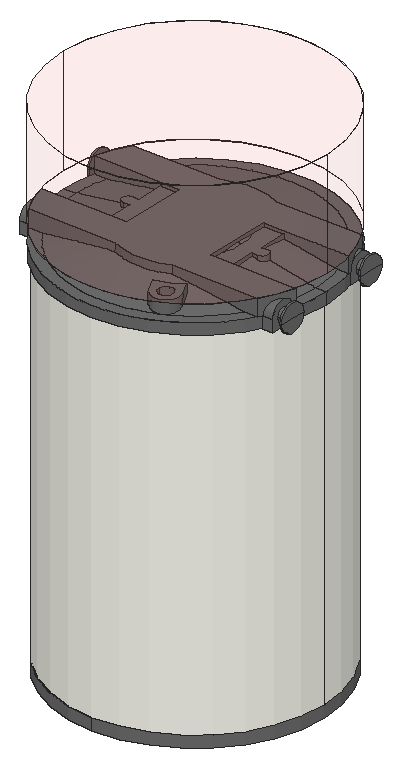
Revit family "Cooling_Plant-Accessories-Calmac-IceBank-Model-1220C3F", category Mechanical Equipment, Revit 2014
Parameters (values of type "1220C3F")
  Watermarked By = "http://revitwatermark.com"
  Water_Ice Tank Volume = "2,185 Gallons"
  Warning = "Ice tanks are a component in an ice storage system including chillers, pumps, and controls. Contact CALMAC for IceBank® selection support to make sure all system components will work together properly."
  URL = "http://www.calmac.com/"
  Total Cooling Capacity [instance] = 0.0 ton
  Tank Net Usable Capacity = "98 Ton-Hrs"
  Product Page URL = "http://www.calmac.com/products/icebank.asp"
  Is Tank 1 Front Right Connector Visible = not(CTRL Off)  # yes
  Is Tank 1 Front Left Connector Visible = not(CTRL On)  # no
  Is Tank 1 Back Right Connector Visible = not(CTRL Off)  # yes
  Is Tank 1 Back Left Connector Visible = not(CTRL Off)  # yes
  Surface Finish = Plastic- Calmac- Black
  Supply Coolant Temperature [instance] = -459.67 °F
  Storage Inlet Temperature [instance] = 60 °F
  Shipping Weight = 2600.00 lbf
  Return Coolant Temperature [instance] = -459.67 °F
  Requires Plate Heat Exchanger [instance] = no
  Project/Customer = ""
  Product Documentation Link = ""
  Pressure Drop [instance] = 0.00 psi
  Precool Hours [instance] = 0
  Pipe Material = Plastic- Calmac- Black
  Operating Weight = 22500.00 lbf
  Occupied Hours [instance] = 0
  Model = "1220C3F"  # constant formula
  Maximum Operating Temperature = "77 °F"
  Maximum Operating Pressure = "620 kPa"
  Manufacturer e-mail = "info@Calmac.com"
  Manufacturer Contact Details = "CALMAC Manufacturing Corporation Headquarters, 3-00 Banta Place, Fair Lawn, NJ  07410, Tel: (201) 797-1511, Fax: (201) 797-1522"
  Manufacturer = "CALMAC Manufacturing Corp."  # constant formula
  Main Use [instance] = ""
  Location [instance] = ""
  Lid Type = Cooling_Plant_Accessories-Calmac-IceBank-Lid_C : Lid-C
  Lid Diameter = 89"  # constant formula
  Leg 4 = 46"  # constant formula
  Leg 1 = 46"  # constant formula
  Latent Cooling Capacity [instance] = 0.0 ton
  Inlet Outlet Center Height = 129"  # constant formula
  Heat Exchanger Volume = "205 Gallons"
  Has Rigging Bar [instance] = no
  Has Plate and Frame Heat Exchanger [instance] = no
  Has Ice Inventory Meter [instance] = no
  Has Heat Transfer Fluid [instance] = no
  Has Glycol Management System [instance] = no
  Floor Loading Weight = "520 lb/sq.ft."
  Factory Tested Pressure = "1724 kPa"
  Diversity Factor [instance] = 0
  Discharge Rate [instance] = 0
  Discharge Hours [instance] = 0
  Description = "Off-Peak Cooling System"
  Is Clearance Box Visible [instance] = yes
  Clearance Box Height = 36"  # constant formula
  City/State [instance] = ""
  CTRL On = yes
  CTRL Off = not(CTRL On)  # no
  CTRL Hydronic Supply Description = "Hydronic Supply"  # constant formula
  CTRL Hydronic Return Description = "Hydronic Return"  # constant formula
  CTRL Base Radius = 43 31/64"
  Body Material = Plastic- Calmac- Off_White
  Has Solid Base [instance] = yes
  Base Height = Inlet Outlet Center Height - 3 3/4"  # 125 1/4"
  Base Finish = Plastic- Calmac- Black
  Assembly Code = "D3030300"
  Actual Chilled Water Flow [instance] = 0 GPM
Reference planes (in)
  plane 1 "Center (Front/Back)": y = 0
  plane 2 "Bottom": z = 0
  plane 3 "Center (Left/Right)": x = 0
  plane 4 "T.O. Base": z = 125.25
  plane 5 "Inlet/Outlet Center (Elevation)": z = 129
  plane 6 "Right Connector Face": x = 46
  plane 7 "Left Connector Face": x = -46
  plane 8 "T.O. Lid": z = 134.5
  plane 9 "Top": z = 170.5
  plane 10 "Front Connection Center (F/B)": y = -16.5
  plane 11 "Back Connection Center (F/B)": y = 16.5
  plane 12 "Back": y = 44.5
  plane 13 "Front": y = -44.5
  plane 14 "Front of Tank": x = 45
  plane 15 "Back of Tank": x = -45
Dimensions and locks (in)
  locked: plane 5 "Inlet/Outlet Center (Elevation)" to plane 4 "T.O. Base" at 3.75
  "Inlet Outlet Center Height": plane 5 "Inlet/Outlet Center (Elevation)" to plane 2 "Bottom"
  "Leg 1": plane 3 "Center (Left/Right)" to plane 6 "Right Connector Face"
  "Leg 4": plane 7 "Left Connector Face" to plane 3 "Center (Left/Right)"
  locked: plane 8 "T.O. Lid" to plane 5 "Inlet/Outlet Center (Elevation)" at 5.5
  locked: plane 10 "Front Connection Center (F/B)" to plane 1 "Center (Front/Back)" at 16.5
  locked: plane 1 "Center (Front/Back)" to plane 11 "Back Connection Center (F/B)" at 16.5
  locked: plane 1 "Center (Front/Back)" to plane 12 "Back" at 44.5
  locked: plane 13 "Front" to plane 1 "Center (Front/Back)" at 44.5
  "Clearance Box Height": plane 9 "Top" to plane 8 "T.O. Lid"
  plane 7 "Left Connector Face" to plane 6 "Right Connector Face" = 92"
  plane 13 "Front" to plane 12 "Back" = 89"
  locked: plane 14 "Front of Tank" to plane 6 "Right Connector Face" at 1
  locked: plane 7 "Left Connector Face" to plane 15 "Back of Tank" at 1
  plane 8 "T.O. Lid" to plane 2 "Bottom" = 134 1/2"
  aligned and locked: plane 1 "Center (Front/Back)" to nested 1
  aligned and locked: plane 3 "Center (Left/Right)" to nested 1
  aligned: plane 3 "Center (Left/Right)" to nested 2
  aligned and locked: plane 1 "Center (Front/Back)" to nested 2
  aligned: plane 4 "T.O. Base" to nested 2
  aligned and locked: plane 4 "T.O. Base" to nested 2  (x2)
  aligned and locked: plane 3 "Center (Left/Right)" to nested 2  (x2)
Nested families (in)
  nested 1: "Cooling_Plant_Accessories-Calmac-IceBank-Base" at (0, 0, 0), type "Base"
    with Is Symbolic Line Visible no, Has Solid Base yes, CTRL Inner Wall Radius 42 39/64", CTRL Base Radius 43 31/64", Base Height 125 1/4"
  nested 2: "Cooling_Plant_Accessories-Calmac-IceBank-Lid_C" at (0, 0, 125.25), type <- "Lid Type", Is Front Right  Flanged Connector Visibility <- "Is Tank 1 Front Right Connector Visible", Is Front Left  Flanged Connector Visibility <- "Is Tank 1 Front Left Connector Visible", Is Clearance Box Visible <- "Is Clearance Box Visible", Is Back Right Flanged Connector Visibility <- "Is Tank 1 Back Right Connector Visible", Is Back Left  Flanged Connector Visibility <- "Is Tank 1 Back Left Connector Visible", Diameter <- "Lid Diameter", Clearance Box Height <- "Clearance Box Height", type "Lid-C"
    with Is Front Right  Flanged Connector Visibility yes, Is Front Left  Flanged Connector Visibility no, Is Clearance Box Visible yes, Is Back Right Flanged Connector Visibility yes, Is Back Left  Flanged Connector Visibility yes, Diameter 89", Connections Rear Cooling_Plant_Accessories-Calmac-IceBank-4-Inch Flanged Connection : Flange, Connections Front Cooling_Plant_Accessories-Calmac-IceBank-4-Inch Flanged Connection : Flange, Clearance Box Height 36", CTRL Radius 44 1/2"
Connectors (in)
  piping at (45.3757, -16.5, 129), diameter 4, driven by "CTRL Hydronic Return Description", driven by "Actual Chilled Water Flow"
    settings: on nested 2, index 5, connector inside diameter 24", connector length 0", flow factor 0, pipe flow 0 GPM, pressure drop 0.00 psi, fitting loss kfactor 0, connector angle 0.00°, fixture units 0, engagement length 0", angle of deflection 0.00°, flow configuration 0, flow direction 1, fitting loss method 0, system type 8, joint type 0, gender type 0, connector reference index -1, connector utility 0, adjustable connector no, is connector primary yes, connector description "Hydronic Return"
  piping at (45.3757, 16.5, 129), diameter 4, driven by "CTRL Hydronic Supply Description", driven by "Actual Chilled Water Flow"
    settings: on nested 2, index 6, connector inside diameter 24", connector length 0", flow factor 0, pipe flow 0 GPM, pressure drop 0.00 psi, fitting loss kfactor 0, connector angle 0.00°, fixture units 0, engagement length 0", angle of deflection 0.00°, flow configuration 0, flow direction 2, fitting loss method 0, system type 7, joint type 0, gender type 0, connector reference index -1, connector utility 0, adjustable connector no, is connector primary no, connector description "Hydronic Supply"
  piping at (-45.3757, 16.5, 129), diameter 4, driven by "Actual Chilled Water Flow", driven by "CTRL Hydronic Supply Description"
    settings: on nested 2, index 7, connector inside diameter 24", connector length 0", flow factor 0, pipe flow 0 GPM, pressure drop 0.00 psi, fitting loss kfactor 0, connector angle 0.00°, fixture units 0, engagement length 0", angle of deflection 0.00°, flow configuration 0, flow direction 2, fitting loss method 0, system type 7, joint type 0, gender type 0, connector reference index -1, connector utility 0, adjustable connector no, is connector primary no, connector description "Hydronic Supply"
Definition of nested family "Cooling_Plant_Accessories-Calmac-IceBank-Base"
  Parameters (values of type "Base")
    Wall Thickness = 7/8"
    URL = "http://www.calmac.com/"
    Type Comments = ""
    Is Symbolic Line Visible = not(Has Solid Base)  # yes
    Has Solid Base = no
    Model = ""
    Manufacturer = "CALMAC Manufacturing Corp."  # constant formula
    CTRL Inner Wall Radius = CTRL Base Radius - Wall Thickness  # 36"
    CTRL Base Radius = 36 7/8"
    Body Material = Plastic- Calmac- Off_White
    Base Height = 43 5/16"
    Base Finish = Plastic- Calmac- Black
    Assembly Code = "D3030"
  Reference planes (in)
    plane 1 "Center (Front/Back)": y = 0
    plane 2 "Bottom": z = 0
    plane 3 "Center (Left/Right)": x = 0
    plane 4 "Back": y = 36.875
    plane 5 "Front": y = -36.875
    plane 6 "Right": x = 36.875
    plane 7 "Left": x = -36.875
    plane 8 "T.O. Base Plate": z = 4
    plane 9 "Right Edge of Right Void": x = 24.125
    plane 10 "Left Edge of Right Void": x = 13.125
    plane 11 "Left Edge of Left Void": x = -24.125
    plane 12 "Right Edge of Left Void": x = -13.125
    plane 13 "T.O. Base Void": z = 2
    plane 14 "T.O. Base": z = 43.3125
  Forms (in)
    Extrusion 1, solid, material "Plastic- Calmac- Black" <- "Base Finish", visible <- "Is Symbolic Line Visible", detail levels fine
      sketch origin (0, 0, 0) x (1, 0, 0) y (0, 1, 0)
        loop
          circle (0, 0) r 36.875
      from 0 to 4
    Extrusion 2, void
      sketch origin (0, 0, 0) x (1, 0, 0) y (0, 1, 0)
        loop
          line (-24.125, 36.875) -> (-24.125, -36.875) -> (-13.125, -36.875) -> (-13.125, 36.875) -> (-24.125, 36.875)
        loop
          line (13.125, 36.875) -> (13.125, -36.875) -> (24.125, -36.875) -> (24.125, 36.875) -> (13.125, 36.875)
      from 0 to 2
    Extrusion 3, solid, material "Plastic- Calmac- Off_White" <- "Body Material", detail levels fine
      sketch origin (0, 0, 0) x (1, 0, 0) y (0, 1, 0)
        loop
          circle (0, 0) r 36.875
        loop
          circle (0, 0) r 36
      from 4 to 43.3125
    Extrusion 4, solid, material "Plastic- Calmac- Black" <- "Base Finish", visible <- "Has Solid Base", detail levels fine
      sketch origin (0, 0, 43.3125) x (0, -1, 0) y (1, 0, 0)
        loop
          circle (0, 0) r 36.875
      from -43.3125 to -39.3125
  Cuts and joins
    Extrusion 2 cuts Extrusion 3
    Extrusion 2 cuts Extrusion 1
  Lines and regions (in)
    Masking region 1
      outline origin (0, 0, 0) x (1, 0, 0) y (0, 1, 0)
        loop
          circle (0, 0) r 36.875
    Masking region 2
      outline origin (0, 0, 0) x (1, 0, 0) y (0, 0, 1)
        loop
          line (-36.875, 0) -> (36.875, 0) -> (36.875, 43.3125) -> (-36.875, 43.3125) -> (-36.875, 0)
    Masking region 3
      outline origin (0, 0, 0) x (0, 1, 0) y (0, 0, 1)
        loop
          line (-36.875, 0) -> (36.875, 0) -> (36.875, 43.3125) -> (-36.875, 43.3125) -> (-36.875, 0)
    symbolic lines, style "Base", detail levels medium+fine
      curve 1: line (-36.875, 0, 4) -> (36.875, 0, 4)
      curve 8: line (0, -36.875, 4) -> (0, 36.875, 4)
    symbolic lines, style "Base", visible <- "Is Symbolic Line Visible", detail levels medium+fine
      curve 2: line (-24.125, 0, 0) -> (-24.125, 0, 2)
      curve 3: line (-24.125, 0, 2) -> (-13.125, 0, 2)
      curve 4: line (13.125, 0, 2) -> (24.125, 0, 2)
      curve 5: line (13.125, 0, 0) -> (13.125, 0, 2)
      curve 6: line (24.125, 0, 0) -> (24.125, 0, 2)
      curve 7: line (-13.125, 0, 0) -> (-13.125, 0, 2)
    model lines, style "Base", detail levels medium
      curve 9: circle (0, 0, 43.3125) r 36.875 normal (0, 0, 1)
      curve 10: circle (0, 0, 4) r 36.875 normal (0, 0, 1)
      curve 11: circle (0, 0, 0) r 36.875 normal (0, 0, 1)
      curve 12: line (36.875, 0, 0) -> (36.875, 0, 43.3125)
      curve 13: line (-36.875, 0, 0) -> (-36.875, 0, 43.3125)
      curve 14: line (0, -36.875, 0) -> (0, -36.875, 43.3125)
      curve 15: line (0, 36.875, 0) -> (0, 36.875, 43.3125)
    model lines, style "Base", detail levels coarse
      curve 16: line (0, 0, 0) -> (0, 0, 43.3125)
  Dimensions and locks (in)
    locked: plane 7 "Left" to plane 11 "Left Edge of Left Void" at 12.75
    locked: plane 7 "Left" to plane 12 "Right Edge of Left Void" at 23.75
    locked: plane 9 "Right Edge of Right Void" to plane 6 "Right" at 12.75
    locked: plane 10 "Left Edge of Right Void" to plane 6 "Right" at 23.75
    "CTRL Base Radius": plane 7 "Left" to plane 3 "Center (Left/Right)"
    "CTRL Base Radius": plane 3 "Center (Left/Right)" to plane 6 "Right"
    "CTRL Base Radius": plane 1 "Center (Front/Back)" to plane 4 "Back"
    "CTRL Base Radius": plane 5 "Front" to plane 1 "Center (Front/Back)"
    locked: plane 8 "T.O. Base Plate" to plane 2 "Bottom" at 4
    "Base Height": plane 14 "T.O. Base" to plane 2 "Bottom"
    locked: plane 13 "T.O. Base Void" to plane 2 "Bottom" at 2
    "CTRL Base Radius": radius of Extrusion 1 sketch curve
    "CTRL Base Radius": radius of Extrusion 3 sketch curve
    "CTRL Inner Wall Radius": radius of Extrusion 3 sketch curve
    "CTRL Base Radius": radius of Masking region 1 sketch curve
    "CTRL Base Radius": radius of curve 9
    "CTRL Base Radius": radius of curve 10
    "CTRL Base Radius": radius of curve 11
    "CTRL Base Radius": radius of Extrusion 4 sketch curve
    aligned and locked: plane 3 "Center (Left/Right)" to Extrusion 1 sketch curve
    aligned and locked: plane 1 "Center (Front/Back)" to Extrusion 1 sketch curve
    aligned and locked: Extrusion 1 to plane 2 "Bottom"
    aligned and locked: plane 8 "T.O. Base Plate" to Extrusion 1
    aligned and locked: plane 2 "Bottom" to Extrusion 1
    aligned and locked: Extrusion 2 sketch curve to plane 4 "Back"  (x2)
    aligned and locked: Extrusion 2 sketch curve to plane 12 "Right Edge of Left Void"
    aligned and locked: plane 11 "Left Edge of Left Void" to Extrusion 2 sketch curve
    aligned and locked: Extrusion 2 sketch curve to plane 5 "Front"  (x2)
    aligned and locked: Extrusion 2 sketch curve to plane 10 "Left Edge of Right Void"
    aligned and locked: Extrusion 2 sketch curve to plane 9 "Right Edge of Right Void"
    aligned and locked: plane 13 "T.O. Base Void" to Extrusion 2
    aligned and locked: Extrusion 2 to plane 2 "Bottom"
    aligned and locked: Extrusion 2 to plane 5 "Front"
    aligned and locked: plane 4 "Back" to Extrusion 2
    aligned and locked: Extrusion 2 to plane 13 "T.O. Base Void"  (x2)
    aligned and locked: plane 11 "Left Edge of Left Void" to Extrusion 2
    aligned and locked: plane 2 "Bottom" to Extrusion 2  (x2)
    aligned and locked: Extrusion 2 to plane 12 "Right Edge of Left Void"
    aligned and locked: plane 10 "Left Edge of Right Void" to Extrusion 2
    aligned and locked: Extrusion 2 to plane 9 "Right Edge of Right Void"
    aligned and locked: plane 3 "Center (Left/Right)" to Extrusion 3 sketch curve  (x2)
    aligned and locked: plane 1 "Center (Front/Back)" to Extrusion 3 sketch curve  (x2)
    aligned and locked: Extrusion 3 to plane 8 "T.O. Base Plate"
    aligned and locked: plane 14 "T.O. Base" to Extrusion 3
    aligned and locked: plane 3 "Center (Left/Right)" to Masking region 1 sketch curve
    aligned and locked: plane 1 "Center (Front/Back)" to Masking region 1 sketch curve
    aligned and locked: Masking region 2 sketch curve to plane 14 "T.O. Base"
    aligned and locked: plane 6 "Right" to Masking region 2 sketch curve
    aligned and locked: plane 2 "Bottom" to Masking region 2 sketch curve
    aligned and locked: Masking region 2 sketch curve to plane 7 "Left"
    aligned and locked: plane 7 "Left" to curve 1
    aligned and locked: plane 6 "Right" to curve 1
    aligned and locked: curve 1 to plane 8 "T.O. Base Plate"
    aligned and locked: plane 11 "Left Edge of Left Void" to curve 3
    aligned and locked: plane 12 "Right Edge of Left Void" to curve 3
    aligned and locked: curve 3 to plane 13 "T.O. Base Void"
    aligned and locked: plane 2 "Bottom" to curve 2
    aligned and locked: curve 2 to plane 11 "Left Edge of Left Void"
    aligned and locked: plane 10 "Left Edge of Right Void" to curve 4
    aligned and locked: plane 9 "Right Edge of Right Void" to curve 4
    aligned and locked: plane 13 "T.O. Base Void" to curve 5
    aligned and locked: plane 13 "T.O. Base Void" to curve 6
    aligned and locked: plane 2 "Bottom" to curve 5
    aligned and locked: curve 5 to plane 10 "Left Edge of Right Void"
    aligned and locked: curve 6 to plane 9 "Right Edge of Right Void"
    aligned and locked: plane 13 "T.O. Base Void" to curve 7
    aligned and locked: plane 2 "Bottom" to curve 7
    aligned and locked: curve 7 to plane 12 "Right Edge of Left Void"
    aligned and locked: plane 5 "Front" to Masking region 3 sketch curve
    aligned and locked: plane 14 "T.O. Base" to Masking region 3 sketch curve
    aligned and locked: Masking region 3 sketch curve to plane 4 "Back"
    aligned and locked: plane 2 "Bottom" to Masking region 3 sketch curve
    aligned and locked: plane 4 "Back" to curve 8
    aligned and locked: plane 5 "Front" to curve 8
    aligned and locked: curve 8 to plane 8 "T.O. Base Plate"
    aligned and locked: plane 3 "Center (Left/Right)" to curve 9
    aligned and locked: plane 1 "Center (Front/Back)" to curve 9
    aligned and locked: curve 9 to plane 14 "T.O. Base"
    aligned and locked: curve 10 to plane 8 "T.O. Base Plate"
    aligned and locked: plane 3 "Center (Left/Right)" to curve 10
    aligned and locked: plane 1 "Center (Front/Back)" to curve 10
    aligned: curve 11 to plane 2 "Bottom"
    aligned and locked: plane 3 "Center (Left/Right)" to curve 11
    aligned and locked: plane 1 "Center (Front/Back)" to curve 11
    aligned and locked: plane 14 "T.O. Base" to curve 12
    aligned and locked: plane 14 "T.O. Base" to curve 13
    aligned and locked: plane 2 "Bottom" to curve 12
    aligned and locked: plane 2 "Bottom" to curve 13
    aligned and locked: curve 12 to plane 6 "Right"
    aligned and locked: curve 13 to plane 7 "Left"
    aligned and locked: curve 12 to plane 1 "Center (Front/Back)"
    aligned and locked: curve 13 to plane 1 "Center (Front/Back)"
    aligned and locked: plane 14 "T.O. Base" to curve 14
    aligned and locked: plane 14 "T.O. Base" to curve 15
    aligned and locked: plane 2 "Bottom" to curve 14
    aligned and locked: plane 2 "Bottom" to curve 15
    aligned and locked: plane 4 "Back" to curve 15
    aligned and locked: plane 5 "Front" to curve 14
    aligned and locked: plane 3 "Center (Left/Right)" to curve 14
    aligned and locked: plane 3 "Center (Left/Right)" to curve 15
    aligned and locked: plane 14 "T.O. Base" to curve 16
    aligned and locked: plane 2 "Bottom" to curve 16
    aligned and locked: plane 3 "Center (Left/Right)" to curve 16
    aligned and locked: curve 16 to plane 1 "Center (Front/Back)"
    aligned and locked: plane 1 "Center (Front/Back)" to Extrusion 4 sketch curve
    aligned and locked: plane 3 "Center (Left/Right)" to Extrusion 4 sketch curve
    aligned and locked: plane 8 "T.O. Base Plate" to Extrusion 4
    aligned and locked: Extrusion 4 to plane 2 "Bottom"
  Automatic sketch dimensions
    curve 6 to level = 0"
Definition of nested family "Cooling_Plant_Accessories-Calmac-IceBank-Lid_C"
  Parameters (values of type "Lid-C")
    Surface Finish = Plastic- Calmac- Black
    Connections Rear [instance] = Cooling_Plant_Accessories-Calmac-IceBank-4-Inch Flanged Connection : Flange
    Pipe Material = Plastic- Calmac- Black
    Is Front Right  Flanged Connector Visibility [instance] = yes
    Is Front Left  Flanged Connector Visibility [instance] = yes
    Connections Front [instance] = Cooling_Plant_Accessories-Calmac-IceBank-4-Inch Flanged Connection : Flange
    Diameter [instance] = 88 5/8"
    Is Clearance Box Visible [instance] = yes
    Clearance Box Height [instance] = 36"
    CTRL Radius [instance] = Diameter / 2  # 44 5/16"
    Is Back Right Flanged Connector Visibility [instance] = yes
    Is Back Left  Flanged Connector Visibility [instance] = yes
  Reference planes (in)
    plane 1 "Center (Front/Back)": y = 0
    plane 2 "Bottom": z = 0
    plane 3 "Center (Left/Right)": x = 0
    plane 4 "Back": y = 44.315
    plane 5 "Back Connector Back": y = 20.75
    plane 6 "Back Connector Center": y = 16.5
    plane 7 "Back Connector Front": y = 12.25
    plane 8 "Piping Back": y = 21.88647
    plane 9 "Rigging Back": y = 11.25
    plane 10 "Rigging Loop Back": y = 2
    plane 11 "Top Back Edge": y = 24
    plane 12 "Back Inset": y = 40.5
    plane 13 "Back Bolt Front": y = 41.313
    plane 14 "Front": y = -44.315
    plane 15 "Front Connection Front": y = -20.75
    plane 16 "Fron Connector Center": y = -16.5
    plane 17 "Front Connector Back": y = -12.25
    plane 18 "Piping Front": y = -21.88647
    plane 19 "Rigging Front": y = -11.25
    plane 20 "Rigging Loop Front": y = -2
    plane 21 "Top Front Edge": y = -24
    plane 22 "Front Inset": y = -40.5
    plane 23 "Pad Eye Back Right": y = -25.81593
    plane 24 "Pad Eye Back Left Offset": y = -29.90257
    plane 25 "Pad Eye Hole": y = -34.65277
    plane 26 "Pad Eye Back Left": y = -29.72849
    plane 27 "Pad Eye Front Center": y = -36.16371
    plane 28 "Left Connection": x = -44.04297
    plane 29 "Left": x = -44.31273
    plane 30 "Left Lip Inset": x = -40.49773
    plane 31 "Left Rigging Loop Left": x = -24.67173
    plane 32 "Left Rigging Loop Inset": x = -21.42181
    plane 33 "Left Rigging Loop Right": x = -20.67011
    plane 34 "Left Rigging Right": x = -14.19546
    plane 35 "Top Left": x = -9.54335
    plane 36 "Right Connection": x = 44.04297
    plane 37 "Right": x = 44.31273
    plane 38 "Lid Inset Right": x = 40.49773
    plane 39 "Right Rigging Loop Right": x = 24.67173
    plane 40 "Right Rigging Loop Inset": x = 21.42181
    plane 41 "Right Rigging Loop Left": x = 20.67011
    plane 42 "Right Rigging Left": x = 14.19546
    plane 43 "Top Right": x = 9.54335
    plane 44 "Connection Sleeve Left": x = -42.58273
    plane 45 "Connection Sleeve Right": x = 42.58273
    plane 46 "Right Center": x = 17.8202
    plane 47 "Bolt Inset Right": x = 1.00017
    plane 48 "Bolt Inset Left": x = -1.00017
    plane 49 "Bolt Inset Center": y = 42.31422
    plane 50 "Top Left Inset": x = -38.53052
    plane 51 "Top Right Inset": x = 38.53052
    plane 52 "Right Side Chanel": x = 42.86089
    plane 53 "Left Side Channel": x = -42.86089
    plane 54 "Top of Clearance Box": z = 45.25
    plane 55 "Top": z = 9.25
    plane 56 "Connector Channel Top": z = 8
    plane 57 "Center (Elevation)": z = 3.75
    plane 58 "Front Inset 2": y = -36.85443
    plane 59 "Flange Left": x = -46.0007
    plane 60 "Flange Right": x = 46.0007
  Forms (in)
    Revolve 1, solid, material "Plastic- Calmac- Black" <- "Surface Finish", detail levels fine
      sketch origin (0, 0, 0) x (1, 0, 0) y (0, 0, 1)
        loop
          line (0, 9) -> (0, 0) -> (44.31273, 0) -> (44.31273, 3.75) -> (40.49773, 3.75) -> (9.54335, 9) -> (0, 9)
        axis (0, 9) -> (0, 0)
      angle from 0 to 360
    Extrusion 2, solid, material "Plastic- Calmac- Black" <- "Surface Finish", detail levels fine
      sketch origin (0, 0, 0) x (1, 0, 0) y (0, 1, 0)
        loop
          arc (-38.53052, 21.88647) -> (-41.04173, 16.70911) -> (-42.86089, 11.25) r 44.31273
          line (-42.86089, 11.25) -> (-14.19546, 11.25) -> (-14.19546, -11.25) -> (-42.86089, -11.25)
          arc (-42.86089, -11.25) -> (-41.04173, -16.70911) -> (-38.53052, -21.88647) r 44.31273
          line (-38.53052, -21.88647) -> (-9.54335, -21.88647)
          arc (-9.54335, -21.88647) -> (0, -24) -> (9.54335, -21.88647) r 22.60261
          line (9.54335, -21.88647) -> (38.53052, -21.88647)
          arc (38.53052, -21.88647) -> (41.04173, -16.70911) -> (42.86089, -11.25) r 44.31273
          line (42.86089, -11.25) -> (14.19546, -11.25) -> (14.19546, 11.25) -> (42.86089, 11.25)
          arc (42.86089, 11.25) -> (41.04173, 16.70911) -> (38.53052, 21.88647) r 44.31273
          line (38.53052, 21.88647) -> (9.54335, 21.88647)
          arc (9.54335, 21.88647) -> (0, 24) -> (-9.54335, 21.88647) r 22.60261
          line (-9.54335, 21.88647) -> (-38.53052, 21.88647)
      from 3.75 to 9.25
    Extrusion 3, solid, material "Plastic- Calmac- Black" <- "Surface Finish", detail levels fine
      sketch origin (0, 0, 0) x (0, 1, 0) y (0, 0, 1)
        loop
          arc (20.75, 3.75) -> (16.5, 8) -> (12.25, 3.75) r 4.25
          line (12.25, 3.75) -> (12.25, 0) -> (20.75, 0) -> (20.75, 3.75)
        loop
          arc (-12.25, 3.75) -> (-16.5, 8) -> (-20.75, 3.75) r 4.25
          line (-20.75, 3.75) -> (-20.75, 0) -> (-12.25, 0) -> (-12.25, 3.75)
      from -42.58273 to 42.58273
    Extrusion 4, solid, material "Plastic- Calmac- Black" <- "Surface Finish", detail levels fine
      sketch origin (0, 0, 0) x (1, 0, 0) y (0, 1, 0)
        loop
          circle (15.75299, -32.19443) r 2.46875
        loop
          arc (17.70624, -25.58301) -> (13.67455, -27.9461) -> (9.33437, -29.67863) r 31.11
          line (9.33437, -29.67863) -> (11.56709, -34.24232)
          arc (11.56709, -34.24232) -> (17.80089, -36.38032) -> (19.93889, -30.14653) r 4.66
          line (19.93889, -30.14653) -> (17.70624, -25.58301)
      from 3.75 to 8
    Extrusion 5, solid, material "Plastic- Calmac- Black" <- "Surface Finish", detail levels fine
      sketch origin (0, 0, 0) x (1, 0, 0) y (0, 1, 0)
        loop
          line (-20.67011, 11.25) -> (-20.67011, 2) -> (-22.67173, 2)
          arc (-22.67173, 2) -> (-24.67173, 0) -> (-22.67173, -2) r 2
          line (-22.67173, -2) -> (-20.67011, -2) -> (-20.67011, -11.25) -> (-14.19546, -11.25) -> (-14.19546, 11.25) -> (-20.67011, 11.25)
        loop
          line (20.67011, 2) -> (20.67011, 11.25) -> (14.19546, 11.25) -> (14.19546, -11.25) -> (20.67011, -11.25) -> (20.67011, -2) -> (22.67548, -2)
          arc (22.67548, -2) -> (24.67548, 0) -> (22.67548, 2) r 2
          line (22.67548, 2) -> (20.67011, 2)
      from 3.75 to 8
  Cuts and joins
    joined: Revolve 1, Extrusion 2, Extrusion 4, Extrusion 5
  Lines and regions (in)
    Masking region 1
      outline origin (0, 0, 0) x (1, 0, 0) y (0, 0, 1)
        loop
          line (-44.31273, 9.25) -> (-44.31273, 0) -> (44.31273, 0) -> (44.31273, 9.25) -> (-44.31273, 9.25)
    Masking region 2
      outline origin (0, 0, 0) x (0, 1, 0) y (0, 0, 1)
        loop
          line (44.315, 3.75) -> (40.5, 3.75) -> (24, 6.54801) -> (24, 9.25) -> (-24, 9.25) -> (-24, 6.54801) -> (-25.58301, 6.26888) -> (-25.58301, 8) -> (-36.85443, 8) -> (-36.85443, 4.39281) -> (-40.5, 3.75) -> (-44.315, 3.75) -> (-44.315, 0) -> (44.315, 0) -> (44.315, 3.75)
    Masking region 3
      outline origin (0, 0, 3.75) x (-1, 0, 0) y (0, -1, 0)
        loop
          arc (-44.31273, 0) -> (-43.8781, -6.19116) -> (-42.58273, -12.26088) r 44.31273
          line (-42.58273, -12.26088) -> (-42.58273, -20.75) -> (-39.15426, -20.75)
          arc (-39.15426, -20.75) -> (0, -44.31273) -> (39.15426, -20.75) r 44.31273
          line (39.15426, -20.75) -> (42.58273, -20.75) -> (42.58273, -12.26088)
          arc (42.58273, -12.26088) -> (43.8781, -6.19116) -> (44.31273, 0) r 44.31273
          arc (44.31273, 0) -> (43.8781, 6.19116) -> (42.58273, 12.26088) r 44.31273
          line (42.58273, 12.26088) -> (42.58273, 20.75) -> (39.15426, 20.75)
          arc (39.15426, 20.75) -> (0, 44.31273) -> (-39.15426, 20.75) r 44.31273
          line (-39.15426, 20.75) -> (-42.58273, 20.75) -> (-42.58273, 12.26088)
          arc (-42.58273, 12.26088) -> (-43.8781, 6.19116) -> (-44.31273, 0) r 44.31273
    symbolic lines, detail levels fine
      curve 1: line (1.00017, 44.315, 3.75) -> (1.00017, 42.31422, 3.75)
      curve 2: line (-1.00017, 44.315, 3.75) -> (-1.00017, 42.31422, 3.75)
      curve 3: arc (-1.00017, 42.31422, 3.75) -> (0, 41.31405, 3.75) -> (1.00017, 42.31422, 3.75) r 1.00017
      curve 4: line (10.83611, 42.98137, 3.75) -> (10.39089, 41.03076, 3.75)
      curve 5: line (8.88592, 43.42649, 3.75) -> (8.44071, 41.47588, 3.75)
      curve 6: arc (8.44071, 41.47588, 3.75) -> (9.19324, 40.27822, 3.75) -> (10.39089, 41.03076, 3.75) r 1.00017
      curve 7: line (-8.88592, 43.42649, 3.75) -> (-8.44071, 41.47588, 3.75)
      curve 8: line (-10.83611, 42.98137, 3.75) -> (-10.39089, 41.03076, 3.75)
      curve 9: arc (-10.39089, 41.03076, 3.75) -> (-9.19324, 40.27822, 3.75) -> (-8.44071, 41.47588, 3.75) r 1.00017
      curve 10: line (-18.32644, 40.36039, 3.75) -> (-17.45833, 38.55775, 3.75)
      curve 11: line (-20.12868, 39.49248, 3.75) -> (-19.26058, 37.68984, 3.75)
      curve 12: arc (-19.26058, 37.68984, 3.75) -> (-17.9255, 37.22267, 3.75) -> (-17.45833, 38.55775, 3.75) r 1.00017
      curve 13: line (-26.84799, 35.27046, 3.75) -> (-25.60052, 33.70619, 3.75)
      curve 14: line (-28.41192, 34.02327, 3.75) -> (-27.16445, 32.45899, 3.75)
      curve 15: arc (-27.16445, 32.45899, 3.75) -> (-25.75889, 32.30063, 3.75) -> (-25.60052, 33.70619, 3.75) r 1.00017
      curve 16: line (-34.02327, 28.41192, 3.75) -> (-32.45899, 27.16445, 3.75)
      curve 17: line (-35.27046, 26.84799, 3.75) -> (-33.70619, 25.60052, 3.75)
      curve 18: arc (-33.70619, 25.60052, 3.75) -> (-32.30063, 25.75889, 3.75) -> (-32.45899, 27.16445, 3.75) r 1.00017
      curve 19: line (-42.98137, 10.83611, 3.75) -> (-41.03076, 10.39089, 3.75)
      curve 20: line (-43.42649, 8.88592, 3.75) -> (-41.47588, 8.44071, 3.75)
      curve 21: arc (-41.47588, 8.44071, 3.75) -> (-40.27822, 9.19324, 3.75) -> (-41.03076, 10.39089, 3.75) r 1.00017
      curve 22: line (-44.315, 1.00017, 3.75) -> (-42.31422, 1.00017, 3.75)
      curve 23: line (-44.315, -1.00017, 3.75) -> (-42.31422, -1.00017, 3.75)
      curve 24: arc (-42.31422, -1.00017, 3.75) -> (-41.31405, 0, 3.75) -> (-42.31422, 1.00017, 3.75) r 1.00017
      curve 25: line (-43.42649, -8.88592, 3.75) -> (-41.47588, -8.44071, 3.75)
      curve 26: line (-42.98137, -10.83611, 3.75) -> (-41.03076, -10.39089, 3.75)
      curve 27: arc (-41.03076, -10.39089, 3.75) -> (-40.27822, -9.19324, 3.75) -> (-41.47588, -8.44071, 3.75) r 1.00017
      curve 28: line (-35.27046, -26.84799, 3.75) -> (-33.70619, -25.60052, 3.75)
      curve 29: line (-34.02327, -28.41192, 3.75) -> (-32.45899, -27.16445, 3.75)
      curve 30: arc (-32.45899, -27.16445, 3.75) -> (-32.30063, -25.75889, 3.75) -> (-33.70619, -25.60052, 3.75) r 1.00017
      curve 31: line (-28.41192, -34.02327, 3.75) -> (-27.16445, -32.45899, 3.75)
      curve 32: line (-26.84799, -35.27046, 3.75) -> (-25.60052, -33.70619, 3.75)
      curve 33: arc (-25.60052, -33.70619, 3.75) -> (-25.75889, -32.30063, 3.75) -> (-27.16445, -32.45899, 3.75) r 1.00017
      curve 34: line (-20.12868, -39.49248, 3.75) -> (-19.26058, -37.68984, 3.75)
      curve 35: line (-18.32644, -40.36039, 3.75) -> (-17.45833, -38.55775, 3.75)
      curve 36: arc (-17.45833, -38.55775, 3.75) -> (-17.9255, -37.22267, 3.75) -> (-19.26058, -37.68984, 3.75) r 1.00017
      curve 37: line (-10.83611, -42.98137, 3.75) -> (-10.39089, -41.03076, 3.75)
      curve 38: line (-8.88592, -43.42649, 3.75) -> (-8.44071, -41.47588, 3.75)
      curve 39: arc (-8.44071, -41.47588, 3.75) -> (-9.19324, -40.27822, 3.75) -> (-10.39089, -41.03076, 3.75) r 1.00017
      curve 40: line (-1.00017, -44.315, 3.75) -> (-1.00017, -42.31422, 3.75)
      curve 41: line (1.00017, -44.315, 3.75) -> (1.00017, -42.31422, 3.75)
      curve 42: arc (1.00017, -42.31422, 3.75) -> (0, -41.31405, 3.75) -> (-1.00017, -42.31422, 3.75) r 1.00017
      curve 43: line (8.88592, -43.42649, 3.75) -> (8.44071, -41.47588, 3.75)
      curve 44: line (10.83611, -42.98137, 3.75) -> (10.39089, -41.03076, 3.75)
      curve 45: arc (10.39089, -41.03076, 3.75) -> (9.19324, -40.27822, 3.75) -> (8.44071, -41.47588, 3.75) r 1.00017
      curve 46: line (18.32644, -40.36039, 3.75) -> (17.45833, -38.55775, 3.75)
      curve 47: line (20.12868, -39.49248, 3.75) -> (19.26058, -37.68984, 3.75)
      curve 48: arc (19.26058, -37.68984, 3.75) -> (17.9255, -37.22267, 3.75) -> (17.45833, -38.55775, 3.75) r 1.00017
      curve 49: line (26.84799, -35.27046, 3.75) -> (25.60052, -33.70619, 3.75)
      curve 50: line (28.41192, -34.02327, 3.75) -> (27.16445, -32.45899, 3.75)
      curve 51: arc (27.16445, -32.45899, 3.75) -> (25.75889, -32.30063, 3.75) -> (25.60052, -33.70619, 3.75) r 1.00017
      curve 52: line (34.02327, -28.41192, 3.75) -> (32.45899, -27.16445, 3.75)
      curve 53: line (35.27046, -26.84799, 3.75) -> (33.70619, -25.60052, 3.75)
      curve 54: arc (33.70619, -25.60052, 3.75) -> (32.30063, -25.75889, 3.75) -> (32.45899, -27.16445, 3.75) r 1.00017
      curve 55: line (42.98137, -10.83611, 3.75) -> (41.03076, -10.39089, 3.75)
      curve 56: line (43.42649, -8.88592, 3.75) -> (41.47588, -8.44071, 3.75)
      curve 57: arc (41.47588, -8.44071, 3.75) -> (40.27822, -9.19324, 3.75) -> (41.03076, -10.39089, 3.75) r 1.00017
      curve 58: line (44.315, -1.00017, 3.75) -> (42.31422, -1.00017, 3.75)
      curve 59: line (44.315, 1.00017, 3.75) -> (42.31422, 1.00017, 3.75)
      curve 60: arc (42.31422, 1.00017, 3.75) -> (41.31405, 0, 3.75) -> (42.31422, -1.00017, 3.75) r 1.00017
      curve 61: line (43.42649, 8.88592, 3.75) -> (41.47588, 8.44071, 3.75)
      curve 62: line (42.98137, 10.83611, 3.75) -> (41.03076, 10.39089, 3.75)
      curve 63: arc (41.03076, 10.39089, 3.75) -> (40.27822, 9.19324, 3.75) -> (41.47588, 8.44071, 3.75) r 1.00017
      curve 64: line (35.27046, 26.84799, 3.75) -> (33.70619, 25.60052, 3.75)
      curve 65: line (34.02327, 28.41192, 3.75) -> (32.45899, 27.16445, 3.75)
      curve 66: arc (32.45899, 27.16445, 3.75) -> (32.30063, 25.75889, 3.75) -> (33.70619, 25.60052, 3.75) r 1.00017
      curve 67: line (28.41192, 34.02327, 3.75) -> (27.16445, 32.45899, 3.75)
      curve 68: line (26.84799, 35.27046, 3.75) -> (25.60052, 33.70619, 3.75)
      curve 69: arc (25.60052, 33.70619, 3.75) -> (25.75889, 32.30063, 3.75) -> (27.16445, 32.45899, 3.75) r 1.00017
      curve 70: line (20.12868, 39.49248, 3.75) -> (19.26058, 37.68984, 3.75)
      curve 71: line (18.32644, 40.36039, 3.75) -> (17.45833, 38.55775, 3.75)
      curve 72: arc (17.45833, 38.55775, 3.75) -> (17.9255, 37.22267, 3.75) -> (19.26058, 37.68984, 3.75) r 1.00017
    symbolic lines, style "Thermal Energy Storage", detail levels medium+fine
      curve 73: arc (0, 20.75, 3.75) -> (0, 16.5, 8) -> (0, 12.25, 3.75) r 4.25
      curve 74: line (0, 20.75, 0) -> (0, 20.75, 3.75)
      curve 75: line (0, 12.25, 3.75) -> (0, 12.25, 0)
      curve 77: line (0, 21.88647, 3.75) -> (0, 21.88647, 9.25)
      curve 78: line (0, 21.88647, 3.75) -> (0, 40.5, 3.75)
      curve 80: line (0, -11.25, 3.75) -> (0, -11.25, 9.25)
      curve 86: line (0, 11.25, 9.25) -> (0, 11.25, 3.75)
      curve 87: line (0, 11.25, 3.75) -> (0, -11.25, 3.75)
      curve 88: arc (0, -12.25, 3.75) -> (0, -16.5, 8) -> (0, -20.75, 3.75) r 4.25
      curve 89: line (0, -12.25, 0) -> (0, -12.25, 3.75)
      curve 90: line (0, -20.75, 3.75) -> (0, -20.75, 0)
      curve 95: line (0, -21.88647, 9.25) -> (0, -21.88647, 3.75)
      curve 96: line (0, -21.88647, 3.75) -> (0, -40.49773, 3.75)
      curve 98: line (-38.53052, 0, 3.75) -> (38.53052, 0, 3.75)
      curve 100: line (-38.53052, 0, 3.75) -> (-38.53052, 0, 9.25)
      curve 110: line (38.53052, 0, 3.75) -> (38.53052, 0, 9.25)
      curve 121: line (-9.54335, 21.88647, 3.75) -> (-38.53052, 21.88647, 3.75)
      curve 122: arc (-38.53052, 21.88647, 3.75) -> (-41.04173, 16.70911, 3.75) -> (-42.86089, 11.25, 3.75) r 44.31273
      curve 123: line (-42.86089, 11.25, 3.75) -> (-14.19546, 11.25, 3.75)
      curve 124: line (-14.19546, 11.25, 3.75) -> (-14.19546, -11.25, 3.75)
      curve 125: line (-14.19546, -11.25, 3.75) -> (-42.86089, -11.25, 3.75)
      curve 126: arc (-42.86089, -11.25, 3.75) -> (-41.04173, -16.70911, 3.75) -> (-38.53052, -21.88647, 3.75) r 44.31273
      curve 127: line (-38.53052, -21.88647, 3.75) -> (-9.54335, -21.88647, 3.75)
      curve 128: arc (-9.54335, -21.88647, 3.75) -> (0, -24, 3.75) -> (9.54335, -21.88647, 3.75) r 22.60261
      curve 129: line (9.54335, -21.88647, 3.75) -> (38.53052, -21.88647, 3.75)
      curve 130: arc (38.53052, -21.88647, 3.75) -> (41.04173, -16.70911, 3.75) -> (42.86089, -11.25, 3.75) r 44.31273
      curve 131: line (42.86089, -11.25, 3.75) -> (14.19546, -11.25, 3.75)
      curve 132: line (14.19546, -11.25, 3.75) -> (14.19546, 11.25, 3.75)
      curve 133: line (14.19546, 11.25, 3.75) -> (42.86089, 11.25, 3.75)
      curve 134: arc (42.86089, 11.25, 3.75) -> (41.04173, 16.70911, 3.75) -> (38.53052, 21.88647, 3.75) r 44.31273
      curve 135: line (38.53052, 21.88647, 3.75) -> (9.54335, 21.88647, 3.75)
      curve 136: arc (9.54335, 21.88647, 3.75) -> (0, 24, 3.75) -> (-9.54335, 21.88647, 3.75) r 22.60261
      curve 165: arc (-34.07417, -21.88647, 3.75) -> (0, -40.51236, 3.75) -> (34.07417, -21.88647, 3.75) r 40.48056
      curve 166: arc (-38.90378, -11.25, 3.75) -> (-40.49773, 0, 3.75) -> (-38.90378, 11.25, 3.75) r 40.49773
      curve 167: arc (-34.07417, 21.88647, 3.75) -> (0, 40.5, 3.75) -> (34.07417, 21.88647, 3.75) r 40.49507
      curve 168: arc (38.90378, 11.25, 3.75) -> (40.49773, 0, 3.75) -> (38.90378, -11.25, 3.75) r 40.49773
    symbolic lines, style "Thermal Energy Storage", detail levels fine
      curve 76: line (0, 24, 6.54801) -> (0, 21.87678, 6.54801)
      curve 79: arc (0, -2, 7.09716) -> (0, -6.62882, 6.93697) -> (0, -11.25, 6.62646) r 142.52273
      curve 81: line (0, -11.25, 8) -> (0, -2, 8)
      curve 82: line (0, -2, 8) -> (0, -2, 6.75604)
      curve 83: arc (0, 11.25, 6.62646) -> (0, 6.62882, 6.93697) -> (0, 2, 7.09716) r 142.52273
      curve 84: line (0, 2, 6.75593) -> (0, 2, 8)
      curve 85: line (0, 2, 8) -> (0, 11.25, 8)
      curve 91: line (0, -36.85495, 4.39272) -> (0, -25.60206, 6.37691)
      curve 92: line (0, -24, 6.54801) -> (0, -21.9107, 6.54801)
      curve 93: spline (0, -1.99864, 6.75604) -> (0, -1.98159, 6.71429) -> (0, -1.93074, 6.67324) -> (0, -1.84694, 6.63358) -> (0, -1.73161, 6.59599) -> (0, -1.58672, 6.56109) -> (0, -1.4147, 6.52948) -> (0, -1.21849, 6.50169) -> (0, -1.0014, 6.4782) -> (0, -0.7671, 6.45941) -> (0, -0.51958, 6.44563) -> (0, -0.26302, 6.43709) -> (0, -0.00177, 6.43395)
      curve 94: spline (0, -0.00177, 6.43395) -> (0, 0.25981, 6.43472) -> (0, 0.51674, 6.44125) -> (0, 0.76466, 6.45344) -> (0, 0.99936, 6.47108) -> (0, 1.21686, 6.49387) -> (0, 1.41346, 6.52142) -> (0, 1.58583, 6.55326) -> (0, 1.73103, 6.58885) -> (0, 1.84661, 6.62759) -> (0, 1.93059, 6.66882) -> (0, 1.98156, 6.71185) -> (0, 1.99865, 6.75593)
      curve 97: line (-42.58273, 0, 8) -> (-42.58273, 0, 0)
      curve 99: spline (9.33437, 0, 6.56806) -> (7.83355, 0, 6.56193) -> (6.29236, 0, 6.55689) -> (4.71875, 0, 6.55296) -> (3.12081, 0, 6.55016) -> (1.50679, 0, 6.54851) -> (-0.115, 0, 6.54801) -> (-1.73619, 0, 6.54867) -> (-3.34844, 0, 6.55049) -> (-4.94343, 0, 6.55345) -> (-6.51294, 0, 6.55754) -> (-8.04888, 0, 6.56273) -> (-9.54335, 0, 6.56901)
      curve 101: line (9.33437, 0, 5.34188) -> (9.33437, 0, 8)
      curve 102: line (20.41299, 0, 8) -> (9.33437, 0, 8)
      curve 103: line (9.54335, 0, 8) -> (9.54335, 0, 9)
      curve 104: line (20.41299, 0, 8) -> (20.41299, 0, 4.17536)
      curve 105: line (9.33437, 0, 5.34188) -> (11.56709, 0, 4.48854)
      curve 106: arc (11.56709, 0, 4.48854) -> (14.16986, 0, 3.94334) -> (16.82208, 0, 3.75) r 19.90238
      curve 107: arc (20.41299, 0, 4.17536) -> (20.37233, 0, 4.0464) -> (20.26505, 0, 3.96408) r 0.22484
      curve 108: line (18.16352, 0, 3.75) -> (20.26505, 0, 3.96408)
      curve 109: line (20.41299, 0, 5.54906) -> (33.00047, 0, 3.75)
      curve 111: line (42.58273, 0, 0) -> (42.58273, 0, 8)
      curve 112: arc (41.33273, 0, 8) -> (39.81665, 0, 7.15086) -> (39.24367, 0, 5.51036) r 2.45264
      curve 113: line (39.24367, 0, 5.51036) -> (39.08966, 0, 3.75)
      curve 114: line (41.33273, 0, 8) -> (42.58273, 0, 8)
      curve 115: line (-9.54335, 0, 6.56901) -> (-34.07417, 0, 3.75)
      curve 116: line (39.08966, 0, 3.75) -> (39.08966, 0, 0)
      curve 117: arc (-41.33273, 0, 8) -> (-39.81665, 0, 7.15086) -> (-39.24367, 0, 5.51036) r 2.45264
      curve 118: line (-39.24367, 0, 5.51036) -> (-39.08966, 0, 3.75)
      curve 119: line (-39.08966, 0, 3.75) -> (-39.08966, 0, 0)
      curve 120: line (-42.58273, 0, 8) -> (-41.33273, 0, 8)
      curve 137: line (20.67011, 2, 3.75) -> (20.67011, 11.25, 3.75)
      curve 138: line (20.67011, 11.25, 3.75) -> (14.19546, 11.25, 3.75)
      curve 139: line (14.19546, 11.25, 3.75) -> (14.19546, 6.07162, 3.75)
      curve 140: arc (14.19546, 6.07162, 3.75) -> (15.12523, 3.09887, 3.75) -> (15.43942, 0, 3.75) r 15.43942
      curve 141: arc (15.43942, 0, 3.75) -> (15.12523, -3.09887, 3.75) -> (14.19546, -6.07162, 3.75) r 15.43942
      curve 142: line (14.19546, -6.07162, 3.75) -> (14.19546, -11.25, 3.75)
      curve 143: line (14.19546, -11.25, 3.75) -> (20.67011, -11.25, 3.75)
      curve 144: line (20.67011, -11.25, 3.75) -> (20.67011, -2, 3.75)
      curve 145: line (20.67011, -2, 3.75) -> (22.67548, -2, 3.75)
      curve 146: arc (22.67548, -2, 3.75) -> (24.67548, 0, 3.75) -> (22.67548, 2, 3.75) r 2
      curve 147: line (22.67548, 2, 3.75) -> (20.67011, 2, 3.75)
      curve 148: line (-20.67011, 11.25, 3.75) -> (-20.67011, 2, 3.75)
      curve 149: line (-20.67011, 2, 3.75) -> (-22.67173, 2, 3.75)
      curve 150: arc (-22.67173, 2, 3.75) -> (-24.67173, 0, 3.75) -> (-22.67173, -2, 3.75) r 2
      curve 151: line (-22.67173, -2, 3.75) -> (-20.67011, -2, 3.75)
      curve 152: line (-20.67011, -2, 3.75) -> (-20.67011, -11.25, 3.75)
      curve 153: line (-20.67011, -11.25, 3.75) -> (-14.19546, -11.25, 3.75)
      curve 154: line (-14.19546, -11.25, 3.75) -> (-14.19546, -6.07162, 3.75)
      curve 155: arc (-14.19546, -6.07162, 3.75) -> (-15.12523, -3.09887, 3.75) -> (-15.43942, 0, 3.75) r 15.43942
      curve 156: arc (-15.43942, 0, 3.75) -> (-15.12523, 3.09887, 3.75) -> (-14.19546, 6.07162, 3.75) r 15.43942
      curve 157: line (-14.19546, 6.07162, 3.75) -> (-14.19546, 11.25, 3.75)
      curve 158: line (-14.19546, 11.25, 3.75) -> (-20.67011, 11.25, 3.75)
      curve 159: arc (17.70624, -25.58301, 3.75) -> (13.67455, -27.9461, 3.75) -> (9.33437, -29.67863, 3.75) r 31.11
      curve 160: line (9.33437, -29.67863, 3.75) -> (11.56709, -34.24232, 3.75)
      curve 161: arc (11.56709, -34.24232, 3.75) -> (17.80089, -36.38032, 3.75) -> (19.93889, -30.14653, 3.75) r 4.66
      curve 162: line (19.93889, -30.14653, 3.75) -> (17.70624, -25.58301, 3.75)
      curve 163: arc (13.28424, -32.19443, 3.75) -> (15.75299, -29.72568, 3.75) -> (18.22174, -32.19443, 3.75) r 2.46875
      curve 164: arc (18.22174, -32.19443, 3.75) -> (15.75299, -34.66318, 3.75) -> (13.28424, -32.19443, 3.75) r 2.46875
    model lines, style "Thermal Energy Storage", detail levels medium
      curve 169: arc (44.31273, 0, 0) -> (0, 44.31273, 0) -> (-44.31273, 0, 0) r 44.31273
      curve 170: arc (-44.31273, 0, 0) -> (0, -44.31273, 0) -> (44.31273, 0, 0) r 44.31273
      curve 171: arc (44.31273, 0, 3.75) -> (0, 44.31273, 3.75) -> (-44.31273, 0, 3.75) r 44.31273
      curve 172: arc (-44.31273, 0, 3.75) -> (0, -44.31273, 3.75) -> (44.31273, 0, 3.75) r 44.31273
      curve 173: arc (-34.07417, 21.88647, 3.75) -> (0, 40.49773, 3.75) -> (34.07417, 21.88647, 3.75) r 40.49773
      curve 174: arc (34.07417, -21.88647, 3.75) -> (0, -40.49773, 3.75) -> (-34.07417, -21.88647, 3.75) r 40.49773
      curve 175: arc (-38.90378, -11.25, 3.75) -> (-40.09726, -5.68118, 3.75) -> (-40.49773, 0, 3.75) r 40.49773
      curve 176: arc (-40.49773, 0, 3.75) -> (-40.09726, 5.68118, 3.75) -> (-38.90378, 11.25, 3.75) r 40.49773
      curve 177: arc (40.49773, 0, 3.75) -> (40.09726, -5.68118, 3.75) -> (38.90378, -11.25, 3.75) r 40.49773
      curve 178: arc (38.90378, 11.25, 3.75) -> (40.09726, 5.68118, 3.75) -> (40.49773, 0, 3.75) r 40.49773
      curve 179: line (38.53052, 21.88647, 3.75) -> (8.66096, 21.88647, 3.75)
      curve 180: arc (9.54335, 21.88647, 3.75) -> (0, 24, 3.75) -> (-9.54335, 21.88647, 3.75) r 22.60261
      curve 181: line (-9.54335, 21.88647, 3.75) -> (-38.53052, 21.88647, 3.75)
      curve 182: line (-42.86089, 11.25, 3.75) -> (-14.19546, 11.25, 3.75)
      curve 183: line (-14.19546, 11.25, 3.75) -> (-14.19546, -11.25, 3.75)
      curve 184: line (-14.19546, -11.25, 3.75) -> (-42.86089, -11.25, 3.75)
      curve 185: line (-38.53052, -21.88647, 3.75) -> (-9.54335, -21.88647, 3.75)
      curve 186: arc (-9.54335, -21.88647, 3.75) -> (0, -24, 3.75) -> (9.54335, -21.88647, 3.75) r 22.60261
      curve 187: line (9.54335, -21.88647, 3.75) -> (38.53052, -21.88647, 3.75)
      curve 188: line (42.86089, -11.25, 3.75) -> (14.19546, -11.25, 3.75)
      curve 189: line (14.19546, -11.25, 3.75) -> (14.19546, 11.25, 3.75)
      curve 190: line (14.19546, 11.25, 3.75) -> (42.86089, 11.25, 3.75)
      curve 191: line (-42.86089, 11.25, 9.25) -> (-42.86089, 11.25, 3.75)
      curve 192: line (-42.86089, -11.25, 3.75) -> (-42.86089, -11.25, 9.25)
      curve 193: line (42.86089, 11.25, 3.75) -> (42.86089, 11.25, 9.25)
      curve 194: line (42.86089, -11.25, 9.25) -> (42.86089, -11.25, 3.75)
      curve 195: line (-38.53052, 21.88647, 3.75) -> (-38.53052, 21.88647, 9.25)
      curve 196: line (-38.53052, -21.88647, 9.03655) -> (-38.53052, -21.88647, 3.75)
      curve 197: line (38.53052, 21.88647, 9.25) -> (38.53052, 21.88647, 3.89855)
      curve 198: line (38.53052, -21.88647, 3.75) -> (38.53052, -21.88647, 9.25)
    model lines, style "Thermal Energy Storage", detail levels coarse
      curve 199: line (-44.31273, 0, 9.25) -> (44.31273, 0, 9.25)
      curve 200: line (0, -44.31273, 9.25) -> (0, 44.31273, 9.25)
      curve 201: line (0, 0, 9.25) -> (0, 0, 0)
      curve 202: line (9.54335, -21.88647, 9.25) -> (38.53052, -21.88647, 9.25)
      curve 203: arc (-9.54335, -21.88647, 9.25) -> (0, -24, 9.25) -> (9.54335, -21.88647, 9.25) r 22.60261
      curve 204: line (-38.53052, -21.88647, 9.25) -> (-9.54335, -21.88647, 9.25)
      curve 205: line (-14.19546, -11.25, 9.25) -> (-42.86089, -11.25, 9.25)
      curve 206: line (-14.19546, 11.25, 9.25) -> (-14.19546, -11.25, 9.25)
      curve 207: line (-42.86089, 11.25, 9.25) -> (-14.19546, 11.25, 9.25)
      curve 208: line (-9.54335, 21.88647, 9.25) -> (-38.53052, 21.88647, 9.25)
      curve 209: arc (9.54335, 21.88647, 9.25) -> (0, 24, 9.25) -> (-9.54335, 21.88647, 9.25) r 22.60261
      curve 210: line (38.53052, 21.88647, 9.25) -> (8.66096, 21.88647, 9.25)
      curve 211: line (14.19546, 11.25, 9.25) -> (42.86089, 11.25, 9.25)
      curve 212: line (14.19546, -11.25, 9.25) -> (14.19546, 11.25, 9.25)
      curve 213: line (42.86089, -11.25, 9.25) -> (14.19546, -11.25, 9.25)
      curve 214: arc (-42.86089, -11.25, 9.25) -> (-41.04173, -16.70911, 9.25) -> (-38.53052, -21.88647, 9.25) r 44.31273
      curve 215: arc (42.86089, 11.25, 9.25) -> (41.04173, 16.70911, 9.25) -> (38.53052, 21.88647, 9.25) r 44.31273
      curve 216: arc (-38.53052, 21.88647, 9.25) -> (-41.04173, 16.70911, 9.25) -> (-42.86089, 11.25, 9.25) r 44.31273
      curve 217: arc (38.53052, -21.88647, 9.25) -> (41.04173, -16.70911, 9.25) -> (42.86089, -11.25, 9.25) r 44.31273
  Dimensions and locks (in)
    equal spacing: plane 5 "Back Connector Back", plane 6 "Back Connector Center", plane 7 "Back Connector Front"
    locked: plane 5 "Back Connector Back" to plane 7 "Back Connector Front" at 8.5
    equal spacing: plane 15 "Front Connection Front", plane 16 "Fron Connector Center", plane 17 "Front Connector Back"
    locked: plane 15 "Front Connection Front" to plane 17 "Front Connector Back" at 8.5
    locked: Extrusion 4 sketch curve to plane 46 "Right Center" at 2.06721
    locked: Extrusion 4 sketch curve to plane 25 "Pad Eye Hole" at 2.45834
    locked: Extrusion 4 sketch curve to plane 46 "Right Center" at 0.11395
    locked: Extrusion 4 sketch curve to plane 23 "Pad Eye Back Right" at 0.23292
    locked: Extrusion 4 sketch curve to plane 43 "Top Right" at 0.20898
    locked: Extrusion 4 sketch curve to plane 26 "Pad Eye Back Left" at 0.04987
    locked: Extrusion 4 sketch curve to plane 25 "Pad Eye Hole" at 0.41045
    locked: Extrusion 4 sketch curve to plane 42 "Right Rigging Left" at 2.62837
    locked: Extrusion 4 sketch curve to plane 41 "Right Rigging Loop Left" at 0.73123
    locked: plane 24 "Pad Eye Back Left Offset" to Extrusion 4 sketch curve at 0.24397
    locked: Extrusion 5 sketch curve to plane 32 "Left Rigging Loop Inset" at 1.24992
    locked: Extrusion 5 sketch curve to plane 33 "Left Rigging Loop Right" at 2.00161
    locked: plane 40 "Right Rigging Loop Inset" to Extrusion 5 sketch curve at 1.25367  (x2)
    locked: plane 29 "Left" to plane 28 "Left Connection" at 0.26977
    locked: plane 29 "Left" to plane 44 "Connection Sleeve Left" at 1.73
    locked: plane 29 "Left" to plane 30 "Left Lip Inset" at 3.815
    locked: plane 36 "Right Connection" to plane 37 "Right" at 0.26977
    locked: plane 45 "Connection Sleeve Right" to plane 37 "Right" at 1.73
    locked: plane 38 "Lid Inset Right" to plane 37 "Right" at 3.815
    locked: plane 29 "Left" to plane 37 "Right" at 88.62547
    locked: plane 14 "Front" to plane 4 "Back" at 88.63
    locked: plane 3 "Center (Left/Right)" to plane 47 "Bolt Inset Right" at 1.00017
    locked: plane 48 "Bolt Inset Left" to plane 3 "Center (Left/Right)" at 1.00017
    locked: plane 3 "Center (Left/Right)" to plane 43 "Top Right" at 9.54335
    locked: plane 35 "Top Left" to plane 3 "Center (Left/Right)" at 9.54335
    locked: plane 34 "Left Rigging Right" to plane 48 "Bolt Inset Left" at 13.19529
    locked: plane 3 "Center (Left/Right)" to plane 42 "Right Rigging Left" at 14.19546
    locked: plane 33 "Left Rigging Loop Right" to plane 3 "Center (Left/Right)" at 20.67011
    locked: plane 3 "Center (Left/Right)" to plane 46 "Right Center" at 17.8202
    locked: plane 46 "Right Center" to plane 41 "Right Rigging Loop Left" at 2.84992
    locked: plane 46 "Right Center" to plane 40 "Right Rigging Loop Inset" at 3.60161
    locked: plane 46 "Right Center" to plane 39 "Right Rigging Loop Right" at 6.85153
    locked: plane 32 "Left Rigging Loop Inset" to plane 33 "Left Rigging Loop Right" at 0.7517
    locked: plane 31 "Left Rigging Loop Left" to plane 33 "Left Rigging Loop Right" at 4.00161
    locked: plane 49 "Bolt Inset Center" to plane 4 "Back" at 2.00078
    locked: plane 13 "Back Bolt Front" to plane 4 "Back" at 3.002
    locked: plane 12 "Back Inset" to plane 4 "Back" at 3.815
    locked: plane 22 "Front Inset" to plane 14 "Front" at 3.815
    locked: plane 27 "Pad Eye Front Center" to plane 14 "Front" at 8.15129
    locked: plane 25 "Pad Eye Hole" to plane 14 "Front" at 9.66223
    locked: plane 26 "Pad Eye Back Left" to plane 14 "Front" at 14.58651
    locked: plane 26 "Pad Eye Back Left" to plane 24 "Pad Eye Back Left Offset" at 0.17407
    locked: plane 23 "Pad Eye Back Right" to plane 14 "Front" at 18.49907
    locked: plane 1 "Center (Front/Back)" to plane 21 "Top Front Edge" at 24
    locked: plane 18 "Piping Front" to plane 1 "Center (Front/Back)" at 21.88647
    locked: plane 16 "Fron Connector Center" to plane 1 "Center (Front/Back)" at 16.5
    locked: plane 19 "Rigging Front" to plane 1 "Center (Front/Back)" at 11.25
    locked: plane 20 "Rigging Loop Front" to plane 1 "Center (Front/Back)" at 2
    locked: plane 1 "Center (Front/Back)" to plane 10 "Rigging Loop Back" at 2
    locked: plane 1 "Center (Front/Back)" to plane 9 "Rigging Back" at 11.25
    locked: plane 1 "Center (Front/Back)" to plane 6 "Back Connector Center" at 16.5
    locked: plane 1 "Center (Front/Back)" to plane 8 "Piping Back" at 21.88647
    locked: plane 1 "Center (Front/Back)" to plane 11 "Top Back Edge" at 24
    locked: Masking region 2 sketch curve to plane 23 "Pad Eye Back Right" at 0.23292
    locked: plane 29 "Left" to plane 50 "Top Left Inset" at 5.78222
    locked: plane 51 "Top Right Inset" to plane 37 "Right" at 5.78222
    locked: plane 52 "Right Side Chanel" to plane 37 "Right" at 1.45184
    locked: plane 29 "Left" to plane 53 "Left Side Channel" at 1.45184
    plane 2 "Bottom" to plane 55 "Top" = 9 1/4"
    curve 103 to plane 56 "Connector Channel Top" to curve 98 = 1", 4 1/4"
    locked: plane 2 "Bottom" to plane 57 "Center (Elevation)" at 3.75
    locked: plane 2 "Bottom" to plane 56 "Connector Channel Top" at 8
    locked: plane 57 "Center (Elevation)" to plane 2 "Bottom" at 3.75
    locked: plane 56 "Connector Channel Top" to plane 2 "Bottom" at 8
    "Clearance Box Height": plane 54 "Top of Clearance Box" to plane 55 "Top"
    locked: plane 55 "Top" to plane 2 "Bottom" at 9.25
    plane 59 "Flange Left" to plane 29 "Left" = 1.68797"
    locked: plane 37 "Right" to plane 60 "Flange Right" at 1.68797
    radius of Extrusion 4 sketch curve = 2 15/32"
    radius of Extrusion 4 sketch curve = 31.11"
    radius of Extrusion 4 sketch curve = 4.66"
    aligned and locked: plane 37 "Right" to Revolve 1 sketch curve
    aligned and locked: Revolve 1 sketch curve to plane 3 "Center (Left/Right)"  (x2)
    aligned and locked: plane 38 "Lid Inset Right" to Revolve 1 sketch curve
    aligned and locked: plane 43 "Top Right" to Revolve 1 sketch curve
    aligned and locked: Revolve 1 sketch curve to plane 2 "Bottom"
    aligned and locked: plane 2 "Bottom" to Revolve 1 sketch curve
    aligned and locked: Extrusion 2 sketch curve to plane 8 "Piping Back"  (x2)
    aligned and locked: Extrusion 2 sketch curve to plane 9 "Rigging Back"
    aligned and locked: plane 19 "Rigging Front" to Extrusion 2 sketch curve  (x2)
    aligned and locked: plane 18 "Piping Front" to Extrusion 2 sketch curve  (x2)
    aligned and locked: plane 1 "Center (Front/Back)" to Extrusion 2 sketch curve
    aligned and locked: plane 3 "Center (Left/Right)" to Extrusion 2 sketch curve  (x2)
    aligned and locked: Extrusion 2 sketch curve to plane 34 "Left Rigging Right"
    aligned and locked: plane 42 "Right Rigging Left" to Extrusion 2 sketch curve
    aligned and locked: plane 35 "Top Left" to Extrusion 2 sketch curve
    aligned and locked: plane 43 "Top Right" to Extrusion 2 sketch curve
    aligned and locked: plane 5 "Back Connector Back" to Extrusion 3 sketch curve
    aligned and locked: plane 17 "Front Connector Back" to Extrusion 3 sketch curve
    aligned and locked: plane 15 "Front Connection Front" to Extrusion 3 sketch curve
    aligned and locked: Extrusion 3 sketch curve to plane 17 "Front Connector Back"
    aligned and locked: Extrusion 3 sketch curve to plane 15 "Front Connection Front"
    aligned and locked: plane 2 "Bottom" to Extrusion 3 sketch curve  (x2)
    aligned and locked: Extrusion 3 to plane 45 "Connection Sleeve Right"
    aligned and locked: Extrusion 3 to plane 44 "Connection Sleeve Left"
    aligned and locked: Extrusion 5 sketch curve to plane 33 "Left Rigging Loop Right"  (x2)
    aligned and locked: Extrusion 5 sketch curve to plane 34 "Left Rigging Right"
    aligned and locked: Extrusion 5 sketch curve to plane 9 "Rigging Back"
    aligned and locked: plane 19 "Rigging Front" to Extrusion 5 sketch curve  (x2)
    aligned and locked: Extrusion 5 sketch curve to plane 10 "Rigging Loop Back"  (x2)
    aligned and locked: plane 20 "Rigging Loop Front" to Extrusion 5 sketch curve  (x2)
    aligned and locked: plane 42 "Right Rigging Left" to Extrusion 5 sketch curve
    aligned and locked: plane 41 "Right Rigging Loop Left" to Extrusion 5 sketch curve  (x2)
    aligned and locked: Masking region 1 sketch curve to plane 2 "Bottom"
    aligned and locked: Masking region 1 sketch curve to plane 29 "Left"
    aligned and locked: plane 37 "Right" to Masking region 1 sketch curve
    aligned and locked: plane 4 "Back" to Masking region 2 sketch curve
    aligned and locked: plane 2 "Bottom" to Masking region 2 sketch curve
    aligned and locked: Masking region 2 sketch curve to plane 14 "Front"
    aligned and locked: plane 11 "Top Back Edge" to Masking region 2 sketch curve  (x2)
    aligned and locked: Masking region 2 sketch curve to plane 21 "Top Front Edge"
    aligned and locked: plane 12 "Back Inset" to Masking region 2 sketch curve
    aligned and locked: plane 21 "Top Front Edge" to Masking region 2 sketch curve
    aligned and locked: Masking region 2 sketch curve to Masking region 2 sketch curve
    aligned and locked: plane 22 "Front Inset" to Masking region 2 sketch curve
    aligned and locked: curve 73 to Extrusion 3
    aligned and locked: plane 8 "Piping Back" to cut or joined group of Revolve 1, Extrusion 2, Extrusion 4, Extrusion 5
    aligned and locked: curve 79 to cut or joined group of Revolve 1, Extrusion 2, Extrusion 4, Extrusion 5
    aligned and locked: curve 83 to cut or joined group of Revolve 1, Extrusion 2, Extrusion 4, Extrusion 5
    aligned and locked: cut or joined group of Revolve 1, Extrusion 2, Extrusion 4, Extrusion 5 to curve 87
    aligned and locked: curve 88 to Extrusion 3
    aligned and locked: curve 89 to Extrusion 3
    aligned and locked: curve 91 to Masking region 2
    aligned and locked: cut or joined group of Revolve 1, Extrusion 2, Extrusion 4, Extrusion 5 to curve 96
    aligned and locked: curve 97 to Extrusion 3
    aligned and locked: curve 98 to cut or joined group of Revolve 1, Extrusion 2, Extrusion 4, Extrusion 5
    aligned and locked: cut or joined group of Revolve 1, Extrusion 2, Extrusion 4, Extrusion 5 to curve 100
    aligned and locked: curve 101 to cut or joined group of Revolve 1, Extrusion 2, Extrusion 4, Extrusion 5
